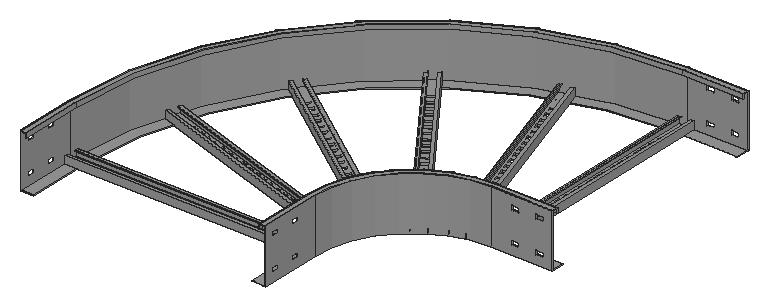
Revit family "LB 90 1150 VS FT Bogen 90", category Generic Models, Revit 2017 (continued)
Dimensions and locks
  locked: plane 232 to Extrusion 39 sketch curve at 3.5
  locked: plane 233 to plane 232 at 20
  locked: plane 233 to Extrusion 39 sketch curve at 5.5
  locked: plane 234 to plane 233 at 20
  plane 234 to Extrusion 39 sketch curve = 5.5 mm
  locked: plane 235 to plane 234 at 20
  locked: plane 235 to Extrusion 39 sketch curve at 5.5
  locked: plane 236 to plane 235 at 20
  locked: plane 236 to Extrusion 39 sketch curve at 3.5
  locked: plane 237 to plane 236 at 20
  locked: plane 237 to Extrusion 39 sketch curve at 5.5
  locked: plane 238 to plane 237 at 20
  locked: plane 238 to Extrusion 39 sketch curve at 3.5
  locked: plane 239 to plane 238 at 20
  locked: plane 239 to Extrusion 39 sketch curve at 5.5
  locked: plane 240 to plane 239 at 20
  Extrusion 39 sketch curve to Extrusion 39 sketch curve = 9 mm  (x2)
  plane 240 to Extrusion 39 sketch curve = 5.5 mm
  locked: plane 241 to plane 240 at 20
  locked: Extrusion 39 sketch curve to Extrusion 39 sketch curve at 10.564
  locked: plane 241 to Extrusion 39 sketch curve at 5.5
  plane 228 to plane 221 = 100 mm
  locked: plane 228 to Extrusion 39 sketch curve at 5.5
  plane 233 to plane 228 = 100 mm
  locked: plane 234 to Extrusion 39 sketch curve at 5.5
  locked: plane 240 to Extrusion 39 sketch curve at 5.5
  locked: plane 242 to plane 241 at 20
  locked: plane 242 to Extrusion 39 sketch curve at 3.5
  locked: Extrusion 40 sketch curve to Extrusion 40 sketch curve at 15
  locked: Extrusion 40 sketch curve to plane 245 at 7.5
  locked: Extrusion 40 sketch curve to Extrusion 40 sketch curve at 9
  locked: plane 243 to Extrusion 40 sketch curve at 4.5
  locked: Extrusion 41 sketch curve to Extrusion 41 sketch curve at 15
  locked: Extrusion 41 sketch curve to plane 248 at 7.5
  locked: Extrusion 41 sketch curve to Extrusion 41 sketch curve at 9
  locked: plane 246 to Extrusion 41 sketch curve at 4.5
  locked: Extrusion 42 sketch curve to Extrusion 42 sketch curve at 15
  locked: Extrusion 42 sketch curve to plane 251 at 7.5
  locked: Extrusion 42 sketch curve to Extrusion 42 sketch curve at 9
  locked: plane 249 to Extrusion 42 sketch curve at 4.5
  locked: Extrusion 43 sketch curve to Extrusion 43 sketch curve at 15
  locked: Extrusion 43 sketch curve to plane 253 at 7.5
  locked: Extrusion 43 sketch curve to Extrusion 43 sketch curve at 9
  locked: plane 252 to Extrusion 43 sketch curve at 4.5
  locked: Extrusion 44 sketch curve to Extrusion 44 sketch curve at 15
  locked: Extrusion 44 sketch curve to plane 255 at 7.5
  locked: Extrusion 44 sketch curve to Extrusion 44 sketch curve at 9
  locked: plane 254 to Extrusion 44 sketch curve at 4.5
  group 1 to group 2 = 0 mm  (x2)
  group 1 to group 2 = 65 mm
  locked: Extrusion 45 sketch curve to Extrusion 45 sketch curve at 15
  locked: Extrusion 45 sketch curve to plane 257 at 7.5
  locked: Extrusion 45 sketch curve to Extrusion 45 sketch curve at 9
  locked: plane 256 to Extrusion 45 sketch curve at 4.5
  locked: Extrusion 46 sketch curve to Extrusion 46 sketch curve at 15
  locked: Extrusion 46 sketch curve to plane 259 at 7.5
  locked: Extrusion 46 sketch curve to Extrusion 46 sketch curve at 9
  locked: plane 258 to Extrusion 46 sketch curve at 4.5
  locked: Extrusion 47 sketch curve to Extrusion 47 sketch curve at 15
  locked: Extrusion 47 sketch curve to plane 261 at 7.5
  locked: Extrusion 47 sketch curve to Extrusion 47 sketch curve at 9
  locked: plane 260 to Extrusion 47 sketch curve at 4.5
  group 5 to group 6 = 0 mm  (x2)
  group 5 to group 6 = 65 mm
  group 3 to group 7 = 0 mm  (x2)
  group 3 to group 7 = 50 mm
  locked: Extrusion 48 sketch curve to Extrusion 48 sketch curve at 15
  locked: Extrusion 48 sketch curve to plane 264 at 7.5
  locked: Extrusion 48 sketch curve to Extrusion 48 sketch curve at 9
  locked: plane 262 to Extrusion 48 sketch curve at 4.5
  group 8 to group 9 = 0 mm  (x2)
  group 8 to group 9 = 50 mm
  locked: Extrusion 49 sketch curve to Extrusion 49 sketch curve at 9
  locked: plane 265 to Extrusion 49 sketch curve at 4.5
  locked: Extrusion 49 sketch curve to Extrusion 49 sketch curve at 15
  locked: plane 266 to Extrusion 49 sketch curve at 7.5
  locked: Extrusion 50 sketch curve to Extrusion 50 sketch curve at 9
  locked: plane 267 to Extrusion 50 sketch curve at 4.5
  locked: Extrusion 50 sketch curve to Extrusion 50 sketch curve at 15
  locked: plane 268 to Extrusion 50 sketch curve at 7.5
  locked: Extrusion 51 sketch curve to Extrusion 51 sketch curve at 9
  locked: plane 269 to Extrusion 51 sketch curve at 4.5
  locked: Extrusion 51 sketch curve to Extrusion 51 sketch curve at 15
  locked: plane 270 to Extrusion 51 sketch curve at 7.5
  locked: Extrusion 52 sketch curve to Extrusion 52 sketch curve at 9
  locked: plane 271 to Extrusion 52 sketch curve at 4.5
  locked: Extrusion 52 sketch curve to Extrusion 52 sketch curve at 15
  locked: plane 272 to Extrusion 52 sketch curve at 7.5
  locked: Extrusion 53 sketch curve to Extrusion 53 sketch curve at 9
  locked: Extrusion 53 sketch curve to plane 273 at 4.5
  locked: Extrusion 53 sketch curve to Extrusion 53 sketch curve at 15
  locked: plane 274 to Extrusion 53 sketch curve at 7.5
  locked: Extrusion 54 sketch curve to Extrusion 54 sketch curve at 9
  locked: Extrusion 54 sketch curve to plane 275 at 4.5
  locked: Extrusion 54 sketch curve to Extrusion 54 sketch curve at 15
  locked: plane 276 to Extrusion 54 sketch curve at 7.5
  locked: Extrusion 55 sketch curve to Extrusion 55 sketch curve at 9
  locked: Extrusion 55 sketch curve to plane 277 at 4.5
  locked: Extrusion 55 sketch curve to Extrusion 55 sketch curve at 15
  locked: plane 278 to Extrusion 55 sketch curve at 7.5
  locked: Extrusion 56 sketch curve to Extrusion 56 sketch curve at 9
  locked: Extrusion 56 sketch curve to plane 279 at 4.5
  locked: Extrusion 56 sketch curve to Extrusion 56 sketch curve at 15
  locked: plane 280 to Extrusion 56 sketch curve at 7.5
  group 12 to group 11 = 50 mm
  group 11 to group 12 = 0 mm  (x2)
  angle plane 111 to plane 14 = 18.00°
  locked: plane 112 to plane 111 (angle 18.00°)
  angle plane 113 to plane 112 = 18.00°
  angle plane 114 to plane 113 = 18.00°
  locked: plane 109 to plane 114 (angle 18.00°)
  locked: plane 111 to plane 115 (angle 9.00°)
  locked: plane 116 to plane 112 (angle 9.00°)
  angle plane 111 to plane 115 = 9.00°
  aligned and locked: level to plane 2
  aligned and locked: Extrusion 1 sketch curve to plane 5
  aligned and locked: Extrusion 1 sketch curve to plane 1 "Center (Front/Back)"
  aligned and locked: plane 1 "Center (Front/Back)" to Extrusion 1
  aligned and locked: plane 8 to Extrusion 1
  aligned and locked: Extrusion 2 to Extrusion 1  (x3)
  aligned and locked: plane 1 "Center (Front/Back)" to Extrusion 2
  aligned and locked: Extrusion 2 to plane 9
  aligned and locked: Extrusion 3 to Extrusion 1  (x2)
  aligned and locked: plane 1 "Center (Front/Back)" to Extrusion 3
  aligned and locked: Extrusion 3 to plane 10
  aligned and locked: Extrusion 4 sketch curve to Extrusion 3
  aligned and locked: Extrusion 3 to Extrusion 4 sketch curve
  aligned and locked: Extrusion 4 to plane 11
  aligned and locked: plane 1 "Center (Front/Back)" to Extrusion 5 sketch curve
  aligned and locked: Extrusion 5 to level
  aligned and locked: Extrusion 5 to Extrusion 1
  aligned and locked: plane 1 "Center (Front/Back)" to Extrusion 6 sketch curve
  aligned and locked: Extrusion 6 to Extrusion 2
  aligned and locked: Extrusion 5 to plane 2
  aligned and locked: plane 1 "Center (Front/Back)" to Extrusion 7 sketch curve
  aligned and locked: Extrusion 5 to Extrusion 7
  aligned and locked: plane 1 "Center (Front/Back)" to Extrusion 7
  aligned and locked: Extrusion 7 to Extrusion 1
  aligned and locked: Extrusion 8 sketch curve to Extrusion 6
  aligned and locked: Extrusion 8 sketch curve to Extrusion 7
  aligned and locked: Extrusion 4 to Extrusion 8
  aligned and locked: Extrusion 1 to Extrusion 4
  aligned and locked: Extrusion 8 to Extrusion 1
  aligned and locked: Extrusion 9 to Extrusion 5
  aligned and locked: Extrusion 9 to Extrusion 1
  aligned and locked: Extrusion 10 sketch curve to plane 19
  aligned and locked: plane 20 to Extrusion 10 sketch curve
  aligned and locked: Extrusion 10 to level
  aligned and locked: Extrusion 9 to Extrusion 10
  aligned and locked: plane 23 to cut or joined group 1 (Extrusion 9, Extrusion 10, Extrusion 11, Extrusion 12, Extrusion 13, Extrusion 14, Extrusion 15, Extrusion 16, Extrusion 17, Extrusion 18, Extrusion 19, Extrusion 20, Extrusion 21, Extrusion 22, Extrusion 23, Extrusion 24, Extrusion 25, Extrusion 26, Extrusion 27, Extrusion 28, Extrusion 29)
  aligned and locked: plane 24 to cut or joined group 1
  aligned and locked: Extrusion 11 sketch curve to plane 23
  aligned and locked: plane 24 to Extrusion 11 sketch curve
  aligned and locked: Extrusion 11 to level
  aligned and locked: Extrusion 9 to Extrusion 11
  aligned and locked: plane 28 to Extrusion 12 sketch curve
  aligned and locked: Extrusion 12 sketch curve to plane 29
  aligned and locked: plane 32 to Extrusion 13 sketch curve
  aligned and locked: Extrusion 13 sketch curve to plane 33
  aligned and locked: Extrusion 14 sketch curve to plane 38
  aligned and locked: plane 39 to Extrusion 14 sketch curve
  aligned and locked: Extrusion 15 sketch curve to plane 42
  aligned and locked: plane 43 to Extrusion 15 sketch curve
  aligned and locked: plane 45 to Extrusion 16 sketch curve
  aligned and locked: Extrusion 16 sketch curve to plane 46
  aligned and locked: plane 50 to Extrusion 17 sketch curve
  aligned and locked: Extrusion 17 sketch curve to plane 51
  aligned and locked: Extrusion 18 sketch curve to plane 54
  aligned and locked: plane 55 to Extrusion 18 sketch curve
  aligned and locked: Extrusion 19 sketch curve to plane 59
  aligned and locked: plane 60 to Extrusion 19 sketch curve
  aligned and locked: plane 66 to Extrusion 20 sketch curve
  aligned and locked: Extrusion 20 sketch curve to plane 67
  aligned and locked: plane 70 to Extrusion 21 sketch curve
  aligned and locked: Extrusion 21 sketch curve to plane 71
  aligned and locked: Extrusion 22 sketch curve to plane 73
  aligned and locked: plane 74 to Extrusion 22 sketch curve
  aligned and locked: Extrusion 23 sketch curve to plane 77
  aligned and locked: plane 78 to Extrusion 23 sketch curve
  aligned and locked: plane 84 to Extrusion 24 sketch curve
  aligned and locked: Extrusion 24 sketch curve to plane 85
  aligned and locked: plane 88 to Extrusion 25 sketch curve
  aligned and locked: Extrusion 25 sketch curve to plane 89
  aligned and locked: Extrusion 26 sketch curve to plane 91
  aligned and locked: plane 92 to Extrusion 26 sketch curve
  aligned and locked: Extrusion 27 sketch curve to plane 95
  aligned and locked: plane 96 to Extrusion 27 sketch curve
  aligned and locked: plane 102 to Extrusion 28 sketch curve
  aligned and locked: Extrusion 28 sketch curve to plane 103
  aligned and locked: plane 106 to Extrusion 29 sketch curve
  aligned and locked: Extrusion 29 sketch curve to plane 107
  aligned and locked: plane 110 to plane 109
  aligned and locked: plane 121 to Extrusion 31 sketch curve
  aligned and locked: Extrusion 31 sketch curve to plane 122
  aligned and locked: Extrusion 31 sketch curve to Extrusion 31 sketch curve  (x36)
  aligned and locked: Extrusion 1 to Extrusion 30
  aligned and locked: Extrusion 33 sketch curve to plane 146
  aligned and locked: plane 147 to Extrusion 33 sketch curve
  aligned and locked: Extrusion 33 sketch curve to Extrusion 33 sketch curve  (x36)
  aligned and locked: plane 171 to Extrusion 35 sketch curve
  aligned and locked: Extrusion 35 sketch curve to plane 172
  aligned and locked: Extrusion 35 sketch curve to Extrusion 35 sketch curve  (x36)
  aligned and locked: Extrusion 37 sketch curve to plane 196
  aligned and locked: plane 197 to Extrusion 37 sketch curve
  aligned and locked: Extrusion 37 sketch curve to Extrusion 37 sketch curve  (x36)
  aligned and locked: Extrusion 39 sketch curve to plane 222
  aligned and locked: plane 223 to Extrusion 39 sketch curve
  aligned and locked: Extrusion 39 sketch curve to Extrusion 39 sketch curve  (x36)
  aligned and locked: Extrusion 40 to plane 3 "Center (Left/Right)"
  aligned and locked: Extrusion 1 to Extrusion 40
  aligned and locked: Extrusion 5 to Extrusion 43  (x2)
  aligned and locked: Extrusion 5 to Extrusion 49  (x2)
  aligned and locked: Extrusion 1 to Extrusion 53  (x2)
Automatic sketch dimensions
  Extrusion 1 sketch curve to Extrusion 1 sketch curve = 0 mm  (x2)
  Extrusion 1 sketch curve to plane 6 = 0 mm
  Extrusion 2 sketch curve to Extrusion 2 sketch curve = 0 mm  (x2)
  Extrusion 2 sketch curve to plane 14 = 0 mm
  plane 3 "Center (Left/Right)" to Extrusion 2 sketch curve = 1.5 mm
  Extrusion 3 sketch curve to Extrusion 3 sketch curve = 0 mm  (x2)
  plane 1 "Center (Front/Back)" to Extrusion 3 sketch curve = 0 mm
  Extrusion 3 sketch curve to plane 14 = 0 mm
  plane 3 "Center (Left/Right)" to Extrusion 3 sketch curve = 1.5 mm
  Extrusion 3 sketch curve to Extrusion 3 sketch curve = 125 mm
  Extrusion 4 sketch curve to Extrusion 4 sketch curve = 0 mm  (x2)
  Extrusion 4 sketch curve to plane 14 = 0 mm
  Extrusion 4 sketch curve to Extrusion 4 sketch curve = 1.5 mm
  Extrusion 5 sketch curve to Extrusion 5 sketch curve = 0 mm  (x2)
  Extrusion 5 sketch curve to plane 14 = 0 mm
  Extrusion 5 sketch curve to plane 13 = 0 mm
  Extrusion 6 sketch curve to Extrusion 6 sketch curve = 0 mm  (x2)
  Extrusion 6 sketch curve to plane 14 = 0 mm
  Extrusion 6 sketch curve to plane 109 = 0 mm
  plane 100 to Extrusion 6 sketch curve = 39.5 mm
  plane 100 to Extrusion 6 sketch curve = 14 mm
  Extrusion 6 sketch curve to Extrusion 6 sketch curve = 125 mm
  Extrusion 7 sketch curve to Extrusion 7 sketch curve = 0 mm  (x2)
  Extrusion 7 sketch curve to plane 14 = 0 mm
  Extrusion 7 sketch curve to Extrusion 7 sketch curve = 10.5 mm
  Extrusion 7 sketch curve to Extrusion 7 sketch curve = 125 mm
  Extrusion 8 sketch curve to Extrusion 8 sketch curve = 0 mm  (x2)
  Extrusion 8 sketch curve to Extrusion 8 sketch curve = 1.5 mm
  plane 14 to Extrusion 8 sketch curve = 0.046 mm
  Extrusion 9 sketch curve to plane 9 = 0 mm
  Extrusion 9 sketch curve to plane 15 = 0 mm
  Extrusion 9 sketch curve to plane 17 = 0 mm  (x2)
  Extrusion 9 sketch curve to plane 16 = 0 mm
  plane 15 to Extrusion 9 sketch curve = 1.5 mm
  Extrusion 9 sketch curve to Extrusion 9 sketch curve = 4.983 mm
  Extrusion 9 sketch curve to plane 16 = 6.511 mm
  Extrusion 9 sketch curve to plane 16 = 1.5 mm
  Extrusion 30 sketch curve to level = 0 mm
  plane 117 to Extrusion 30 sketch curve = 0 mm
  Extrusion 30 sketch curve to plane 119 = 0 mm  (x2)
  plane 118 to Extrusion 30 sketch curve = 0 mm
  plane 117 to Extrusion 30 sketch curve = 1.5 mm
  Extrusion 30 sketch curve to Extrusion 30 sketch curve = 4.983 mm
  Extrusion 30 sketch curve to plane 118 = 6.511 mm
  Extrusion 30 sketch curve to plane 118 = 1.5 mm
  plane 9 to Extrusion 30 sketch curve = 1.5 mm
  Extrusion 31 sketch curve to plane 121 = 0 mm
  Extrusion 31 sketch curve to plane 122 = 0 mm
  plane 120 to Extrusion 31 sketch curve = 5.5 mm
  Extrusion 32 sketch curve to level = 0 mm
  Extrusion 32 sketch curve to plane 142 = 0 mm
  Extrusion 32 sketch curve to plane 144 = 0 mm  (x2)
  Extrusion 32 sketch curve to plane 143 = 0 mm
  plane 142 to Extrusion 32 sketch curve = 1.5 mm
  Extrusion 32 sketch curve to Extrusion 32 sketch curve = 4.983 mm
  Extrusion 32 sketch curve to plane 143 = 6.511 mm
  Extrusion 32 sketch curve to plane 143 = 1.5 mm
  plane 9 to Extrusion 32 sketch curve = 1.5 mm
  Extrusion 33 sketch curve to plane 146 = 0 mm
  Extrusion 33 sketch curve to plane 147 = 0 mm
  Extrusion 33 sketch curve to plane 145 = 5.5 mm
  Extrusion 34 sketch curve to level = 0 mm
  Extrusion 34 sketch curve to plane 167 = 0 mm
  Extrusion 34 sketch curve to plane 169 = 0 mm  (x2)
  Extrusion 34 sketch curve to plane 168 = 0 mm
  plane 167 to Extrusion 34 sketch curve = 1.5 mm
  Extrusion 34 sketch curve to Extrusion 34 sketch curve = 4.983 mm
  Extrusion 34 sketch curve to plane 168 = 6.511 mm
  Extrusion 34 sketch curve to plane 168 = 1.5 mm
  plane 9 to Extrusion 34 sketch curve = 1.5 mm
  Extrusion 35 sketch curve to plane 171 = 0 mm
  Extrusion 35 sketch curve to plane 172 = 0 mm
  plane 170 to Extrusion 35 sketch curve = 5.5 mm
  Extrusion 36 sketch curve to level = 0 mm
  Extrusion 36 sketch curve to plane 192 = 0 mm
  Extrusion 36 sketch curve to plane 194 = 0 mm  (x2)
  Extrusion 36 sketch curve to plane 193 = 0 mm
  plane 192 to Extrusion 36 sketch curve = 1.5 mm
  Extrusion 36 sketch curve to Extrusion 36 sketch curve = 4.983 mm
  Extrusion 36 sketch curve to plane 193 = 6.511 mm
  Extrusion 36 sketch curve to plane 193 = 1.5 mm
  plane 9 to Extrusion 36 sketch curve = 1.5 mm
  Extrusion 37 sketch curve to plane 196 = 0 mm
  Extrusion 37 sketch curve to plane 197 = 0 mm
  Extrusion 37 sketch curve to plane 195 = 5.5 mm
  Extrusion 38 sketch curve to level = 0 mm
  Extrusion 38 sketch curve to plane 218 = 0 mm
  Extrusion 38 sketch curve to plane 220 = 0 mm  (x2)
  Extrusion 38 sketch curve to plane 219 = 0 mm
  plane 218 to Extrusion 38 sketch curve = 1.5 mm
  Extrusion 38 sketch curve to Extrusion 38 sketch curve = 4.983 mm
  Extrusion 38 sketch curve to plane 219 = 6.511 mm
  Extrusion 38 sketch curve to plane 219 = 1.5 mm
  plane 9 to Extrusion 38 sketch curve = 1.5 mm
  Extrusion 39 sketch curve to plane 222 = 0 mm
  Extrusion 39 sketch curve to plane 223 = 0 mm
  Extrusion 39 sketch curve to plane 221 = 5.5 mm
